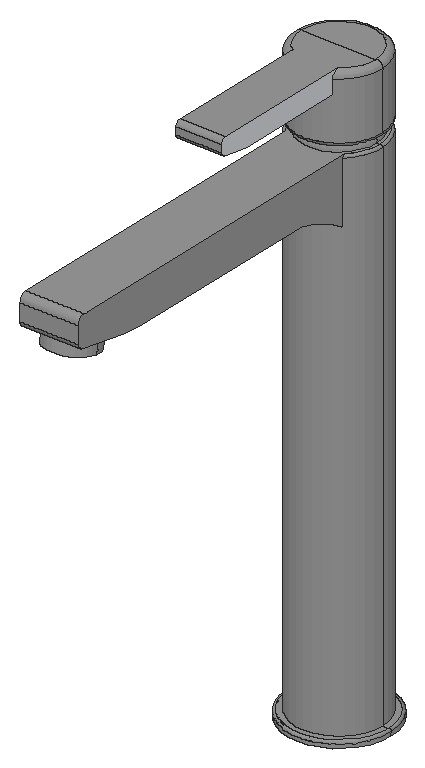
Revit family "LAV ALTA TRENTO", category Plumbing Fixtures, Revit 2019
Family settings
  Round Connector Dimension = Use Diameter
  Part Type = Normal
  OmniClass Number = 23.45.00.00
  OmniClass Title = Sanitary, Laundry, and Cleaning Equipment
  Work Plane-Based = No
  Always vertical = Yes
  Cut with Voids When Loaded = No
  Shared = No
  Room Calculation Point = No
Reference planes
  plane 1 "Center (Front/Back)": y = 0
  plane 2: z = 0
  plane 3 "Center (Left/Right)": x = 0
Forms (mm)
  Revolve 1, solid
    sketch origin (0, 0, 0) x (1, 0, 0) y (0, 0, 1)
      loop
        line (0, 0) -> (25, 0) -> (25, 1.892)
        arc (25, 1.892) -> (24.676, 2.676) -> (23.892, 3) r 1.108
        line (23.892, 3) -> (21, 3) -> (21, 251.88)
        arc (21, 251.88) -> (20.672, 252.672) -> (19.88, 253) r 1.12
        line (19.88, 253) -> (18.103, 253)
        arc (18.103, 253) -> (17.785, 255.129) -> (16.72, 257) r 5.859
        line (16.72, 257) -> (19.668, 257)
        arc (19.668, 257) -> (20.61, 257.39) -> (21, 258.332) r 1.332
        line (21, 258.332) -> (21, 285.952)
        arc (21, 285.952) -> (20.107, 288.107) -> (17.952, 289) r 3.048
        line (17.952, 289) -> (0, 289) -> (0, 253) -> (0, 0)
      axis (0, 0) -> (0, 289)
    angle from 0 to 360
  Extrusion 2, solid
    sketch origin (0, 0, 0) x (0, 1, 0) y (0, 0, 1)
      loop
        line (0, 253) -> (-170.4, 253)
        arc (-170.4, 253) -> (-172.946, 251.946) -> (-174, 249.4) r 3.6
        line (-174, 249.4) -> (-174, 241.215)
        arc (-174, 241.215) -> (-173.385, 239.511) -> (-171.823, 238.592) r 2.669
        line (-171.823, 238.592) -> (-146.502, 233.844)
        arc (-146.502, 233.844) -> (-141.98, 233.211) -> (-137.42, 233) r 49.281
        line (-137.42, 233) -> (-40, 233)
        arc (-40, 233) -> (-16.391, 222.812) -> (0, 203) r 54.957
        line (0, 203) -> (0, 233) -> (0, 253)
    from -14 to 14
  Extrusion 3, solid
    sketch origin (0, 0, 0) x (0, 1, 0) y (0, 0, 1)
      loop
        line (0, 279) -> (0, 289) -> (-81.518, 289)
        arc (-81.518, 289) -> (-83.273, 288.273) -> (-84, 286.518) r 2.482
        line (-84, 286.518) -> (-84, 283.347)
        arc (-84, 283.347) -> (-83.545, 282.072) -> (-82.386, 281.372) r 2.015
        line (-82.386, 281.372) -> (-72.669, 279.4)
        arc (-72.669, 279.4) -> (-70.69, 279.1) -> (-68.69, 279) r 20
        line (-68.69, 279) -> (0, 279)
    from -11 to 11
  Extrusion 4, solid
    sketch origin (0, -44.545, -24.75) x (1, 0, 0) y (0, 0.983927, -0.178572)
      loop
        circle (0, -159.782) r 12.036
    from 230.116 to 236.382
Cuts and joins
  joined: Revolve 1, Extrusion 2, Extrusion 3
Dimensions and locks
  aligned and locked: level to plane 2
